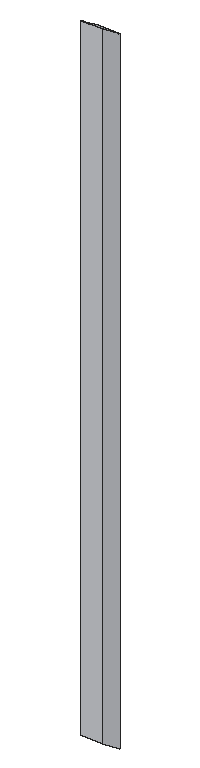
Revit family "Baluster - Square", category Balusters, Revit 2019
Family settings
  OmniClass Number = 23.30.80.11.11.14
  OmniClass Title = Posts, Newel Posts, Pickets
  Always vertical = Yes
  Cut with Voids When Loaded = No
  Shared = No
Parameters (values of type "1"")
  w1 = Width + 0' 2"  # 0' - 3"
  built-in parameter 1008623 [instance] = 32.47°
  built-in parameter 1008625 [instance] = (empty or 0)
  Post = no
  Width = 0' - 1"
  built-in parameter 1008624 [instance] = 32.47°
  Baluster Material = none
  built-in parameter 1008622 [instance] = 2' - 6"
Types (4): name | w1 | Width
  1" | 0' - 3" | 0' - 1"
  3/4" | 0' - 2 3/4" | 0' - 0 3/4"
  2" | 0' - 4" | 0' - 2"
  1 1/2" | 0' - 3 1/2" | 0' - 1 1/2"
Reference planes (in)
  plane 1 "Center (Front/Back)": y = 0
  plane 2: z = 0
  plane 3 "Center (Left/Right)": x = 0
  plane 4 "Top": z = 30
  plane 5 "Top Angle Cut": through (0, 13.58797, 21.35351) normal (0, -0.5369, -0.8437)
  plane 6: z = 39
  plane 7 "Bottom Angle Cut": through (0, 0, 0) normal (0, -0.5369, -0.8437)
  plane 8: y = 1.5
  plane 9: y = -1.5
  plane 10: x = -1.5
  plane 11: x = 1.5
  plane 12: z = -9
Forms (in)
  Extrusion 1, solid, material <- "Baluster Material"
    sketch origin (0, 0, 0) x (1, 0, 0) y (0, 1, 0)
      loop
        line (-0.5, 0.5) -> (-0.5, -0.5) -> (0.5, -0.5) -> (0.5, 0.5) -> (-0.5, 0.5)
    from -9 to 39
  Extrusion 2, void
    sketch origin (0, 0, 0) x (0, 1, 0) y (0, 0, 1)
      loop
        line (-1.5, 39) -> (-1.5, 30.9545) -> (1.5, 29.0455) -> (1.5, 39) -> (-1.5, 39)
    from -1.5 to 1.5
  Extrusion 3, void
    sketch origin (0, 0, 0) x (0, 1, 0) y (0, 0, 1)
      loop
        line (1.5, -0.9545) -> (-1.5, 0.9545) -> (-1.5, -9) -> (1.5, -9) -> (1.5, -0.9545)
    from -1.5 to 1.5
Cuts and joins
  Extrusion 2, Extrusion 3 cuts Extrusion 1
Dimensions and locks (in)
  "built-in parameter 1008622": plane 2 to plane 4 "Top"
  locked: plane 4 "Top" to plane 6 at 9
  equal spacing: Extrusion 1 sketch curve, plane 3 "Center (Left/Right)", Extrusion 1 sketch curve
  equal spacing: Extrusion 1 sketch curve, plane 1 "Center (Front/Back)", Extrusion 1 sketch curve
  "Width": Extrusion 1 sketch curve to Extrusion 1 sketch curve  (x2)
  "w1": plane 10 to plane 11
  equal spacing: plane 10, plane 3 "Center (Left/Right)", plane 11
  equal spacing: plane 8, plane 1 "Center (Front/Back)", plane 9
  "w1": plane 8 to plane 9
  locked: plane 12 to level at 9
  "built-in parameter 1008623": angle plane 4 "Top" to plane 5 "Top Angle Cut"
  "built-in parameter 1008624": angle level to plane 7 "Bottom Angle Cut"
  aligned and locked: Extrusion 1 to plane 6
  aligned and locked: plane 10 to Extrusion 2
  aligned and locked: Extrusion 2 to plane 11
  aligned and locked: Extrusion 3 to Extrusion 2  (x2)
  aligned and locked: plane 12 to Extrusion 3 sketch curve
  aligned and locked: Extrusion 3 sketch curve to plane 9
  aligned and locked: plane 8 to Extrusion 3 sketch curve
  aligned and locked: Extrusion 3 to Extrusion 1
  aligned and locked: plane 6 to Extrusion 2 sketch curve
  aligned and locked: Extrusion 2 sketch curve to plane 8
  aligned and locked: Extrusion 2 sketch curve to plane 9
Automatic sketch dimensions
  Extrusion 3 sketch curve to plane 7 "Bottom Angle Cut" = 0' - 0"  (x2)
  Extrusion 2 sketch curve to plane 5 "Top Angle Cut" = 0' - 0"  (x2)
